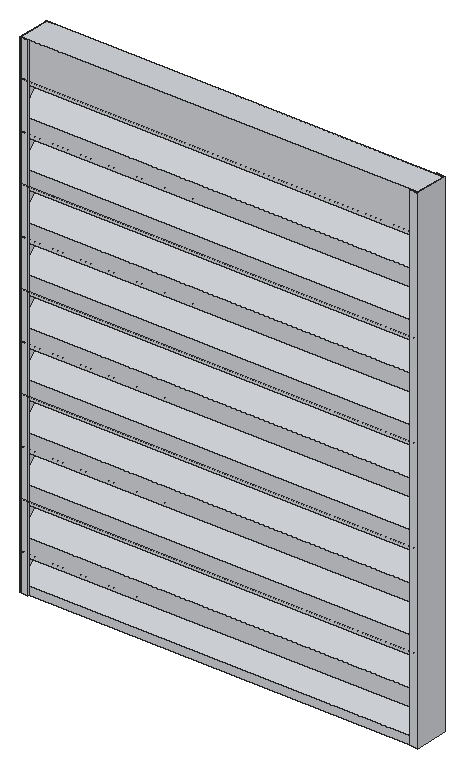
Revit family "XL-4", category Mechanical Equipment, Revit 2015
Parameters
  URL = "http://unitedenertech.com/catalog/pdf/A_39%20XL-4.pdf"
  Type Comments = "Max. Single Section Size is (48\"w x 120\"h)"
  Model = "XL-4"
  Manufacturer = "United Enertech Corporation"
  Keynote = "Note: Sill Condition is not indicative of actual product. Sill height flexes to maintain constant spacing on built louvers. Consult Factory for correct specific size models."
  Exact Width = 4' - 0"
  Exact Height = 5' - 0"
  Description = "4\" Deep Acoustical Louver"
  Blade Width [instance] = Exact Width - 0' 0 1/8"  # 3' - 11 7/8"
  Blade Spacing = 0' - 5.6689"
  Blade Number [instance] = rounddown((Exact Height - 0' 4 21/32") / Blade Spacing)  # 9
Reference planes (in)
  plane 1 "Center (Front/Back)": y = 0
  plane 2: z = 0
  plane 3 "Center (Left/Right)": x = 0
  plane 4: x = -24
  plane 5: x = 24
  plane 6: z = 60
  plane 7: x = -23.9522
  plane 8: x = 23.9522
  plane 9: z = 55.34
Forms (in)
  Extrusion 1, solid
    sketch origin (6.01139, 49.93696, 0) x (0, 1, 0) y (-1, 0, 0)
      loop
        line (-49.88916, 29.01139) -> (-49.88916, 29.96359) -> (-45.98476, 29.96359) -> (-45.98476, 29.01139) -> (-45.93696, 29.01139) -> (-45.93696, 30.01139) -> (-49.93696, 30.01139) -> (-49.93696, 29.01139) -> (-49.88916, 29.01139)
    from 0 to 60
  Extrusion 2, solid
    sketch origin (-6.01139, 49.93696, 0) x (0, 1, 0) y (-1, 0, 0)
      loop
        line (-49.88916, -29.01139) -> (-49.93696, -29.01139) -> (-49.93696, -30.01139) -> (-45.93696, -30.01139) -> (-45.93696, -29.01139) -> (-45.98476, -29.01139) -> (-45.98476, -29.96359) -> (-49.88916, -29.96359) -> (-49.88916, -29.01139)
    from 0 to 60
  Extrusion 3, solid
    sketch origin (-53.93696, 49.93696, -17.77968) x (0, 1, 0) y (0, 0, 1)
      loop
        line (-49.88916, 17.77968) -> (-45.98476, 17.77968) -> (-45.98476, 18.77968) -> (-46.03256, 18.77968) -> (-46.03256, 17.82748) -> (-49.84136, 17.82748) -> (-49.84136, 18.75988) -> (-46.03256, 22.56868) -> (-46.03256, 21.68408) -> (-45.98476, 21.68408) -> (-45.98476, 22.68408) -> (-49.88916, 18.77968) -> (-49.88916, 17.77968)
    from 77.88916 to 29.98476
  Extrusion 4, solid, material "Steel, S 355"
    sketch origin (-53.93696, 49.93696, -17.77968) x (0, 1, 0) y (0, 0, 1)
      loop
        line (-46.03256, 17.90612) -> (-46.03256, 22.41056) -> (-46.06846, 22.41056) -> (-46.06846, 17.90612) -> (-46.03256, 17.90612)
    from 29.98476 to 77.88916
Dimensions and locks (in)
  equal spacing: plane 4, plane 3 "Center (Left/Right)", plane 5
  "Exact Width": plane 4 to plane 5
  "Exact Height": plane 6 to level
  locked: plane 4 to plane 7 at 0.0478
  locked: plane 8 to plane 5 at 0.0478
  locked: plane 6 to plane 9 at 4.66
  equal spacing: group 1, group 2, group 3, group 4, group 5, group 6, group 7, group 8, group 9  (x2)
  equal spacing: group 9, group 8, group 7, group 6, group 5, group 4, group 3, group 2, group 1
  "Blade Spacing": nested 2 to nested 3
  aligned and locked: level to plane 2
  aligned and locked: plane 6 to Extrusion 2
  aligned and locked: plane 6 to Extrusion 1
  aligned and locked: plane 8 to Extrusion 4
  aligned and locked: plane 8 to Extrusion 3
  aligned and locked: Extrusion 3 to plane 7
  aligned and locked: Extrusion 4 to plane 7
  aligned and locked: plane 3 "Center (Left/Right)" to nested 1
  aligned and locked: plane 6 to nested 1
  aligned and locked: plane 3 "Center (Left/Right)" to nested 2
  aligned and locked: plane 9 to nested 2
Automatic sketch dimensions
  plane 1 "Center (Front/Back)" to Extrusion 1 sketch curve = 0' - 0"
  Extrusion 1 sketch curve to plane 4 = 0' - 0"
  Extrusion 1 sketch curve to plane 1 "Center (Front/Back)" = 0' - 0.0478"
  Extrusion 1 sketch curve to plane 4 = 0' - 1"  (x2)
  Extrusion 1 sketch curve to Extrusion 1 sketch curve = 0' - 3.9044"
  Extrusion 1 sketch curve to Extrusion 1 sketch curve = 0' - 0.0478"
  Extrusion 1 sketch curve to plane 4 = 0' - 0.0478"
  plane 1 "Center (Front/Back)" to Extrusion 2 sketch curve = 0' - 0"
  Extrusion 2 sketch curve to plane 5 = 0' - 0"
  plane 1 "Center (Front/Back)" to Extrusion 2 sketch curve = 0' - 0.0478"
  plane 5 to Extrusion 2 sketch curve = 0' - 1"  (x2)
  Extrusion 2 sketch curve to Extrusion 2 sketch curve = 0' - 3.9044"
  Extrusion 2 sketch curve to Extrusion 2 sketch curve = 0' - 0.0478"
  plane 5 to Extrusion 2 sketch curve = 0' - 0.0478"
  level to Extrusion 3 sketch curve = 0' - 0"
  Extrusion 3 sketch curve to plane 1 "Center (Front/Back)" = 0' - 0.0478"
  level to Extrusion 3 sketch curve = 0' - 0.9802"
  Extrusion 3 sketch curve to Extrusion 3 sketch curve = 0' - 0.0478"  (x4)
  Extrusion 3 sketch curve to Extrusion 3 sketch curve = 0' - 3.8088"
  level to Extrusion 3 sketch curve = 0' - 4.789"
  Extrusion 3 sketch curve to Extrusion 3 sketch curve = 0' - 0"
  Extrusion 3 sketch curve to Extrusion 3 sketch curve = 0' - 0.0198"
  Extrusion 3 sketch curve to Extrusion 3 sketch curve = 0' - 0.9522"
  Extrusion 3 sketch curve to Extrusion 3 sketch curve = 0' - 0.8846"
  Extrusion 3 sketch curve to Extrusion 3 sketch curve = 0' - 0.1154"
  level to Extrusion 4 sketch curve = 0' - 0.12645"
  Extrusion 4 sketch curve to plane 1 "Center (Front/Back)" = 0' - 3.8685"
  Extrusion 4 sketch curve to Extrusion 4 sketch curve = 0' - 0.0359"
  Extrusion 4 sketch curve to Extrusion 4 sketch curve = 0' - 4.50444"
Nested families (in)
  nested 1: "XL HEAD" at (0, -5.27166, 51.5478), type "XL HEAD"
    with Width 3' - 11 7/8"
  nested 2: "XL BLADE" at (0, -1.35254, 46.38335), type "XL BLADE"
    with BW 3' - 11 7/8"
  nested 3: "XL BLADE" at (0, -1.35254, 40.71445), type "XL BLADE"
    with BW 3' - 11 7/8"
  nested 4: "XL BLADE" at (0, -1.35254, 35.04555), type "XL BLADE"
    with BW 3' - 11 7/8"
  nested 5: "XL BLADE" at (0, -1.35254, 29.37665), type "XL BLADE"
    with BW 3' - 11 7/8"
  nested 6: "XL BLADE" at (0, -1.35254, 23.70775), type "XL BLADE"
    with BW 3' - 11 7/8"
  nested 7: "XL BLADE" at (0, -1.35254, 18.03885), type "XL BLADE"
    with BW 3' - 11 7/8"
  nested 8: "XL BLADE" at (0, -1.35254, 12.36995), type "XL BLADE"
    with BW 3' - 11 7/8"
  nested 9: "XL BLADE" at (0, -1.35254, 6.70105), type "XL BLADE"
    with BW 3' - 11 7/8"
  nested 10: "XL BLADE" at (0, -1.35254, 1.03215), type "XL BLADE"
    with BW 3' - 11 7/8"
Definition of nested family "XL HEAD"
  Parameters (values of type "XL HEAD")
    Width = 2' - 0"
  Reference planes (in)
    plane 1 "Center (Front/Back)": y = 0
    plane 2: z = 0
    plane 3 "Center (Left/Right)": x = 0
    plane 4: x = -12
    plane 5: x = 12
  Forms (in)
    Extrusion 1, solid
      sketch origin (-4.57998, 56.69055, -13.58421) x (0, 1, 0) y (0, 0, 1)
        loop
          line (-50.66398, 17.83912) -> (-50.69778, 17.87292) -> (-51.32329, 17.24741) -> (-51.32329, 21.98861) -> (-47.51449, 21.98861) -> (-47.51449, 21.05621) -> (-48.20759, 20.3631) -> (-48.17379, 20.3293) -> (-47.46669, 21.03641) -> (-47.46669, 22.03641) -> (-51.37109, 22.03641) -> (-51.37109, 17.13201) -> (-50.66398, 17.83912)
      from -7.42002 to 16.57998
    Extrusion 2, solid
      sketch origin (-4.57998, 56.69055, -13.58421) x (0, 1, 0) y (0, 0, 1)
        loop
          line (-51.21007, 17.36062) -> (-47.59878, 20.97191) -> (-47.62417, 20.9973) -> (-51.23546, 17.38601) -> (-51.21007, 17.36062)
      from -7.42002 to 16.57998
  Dimensions and locks (in)
    equal spacing: plane 4, plane 3 "Center (Left/Right)", plane 5
    "Width": plane 4 to plane 5
    aligned and locked: level to plane 2
    aligned and locked: plane 5 to Extrusion 1
    aligned and locked: plane 5 to Extrusion 2
    aligned and locked: plane 4 to Extrusion 1
    aligned and locked: plane 4 to Extrusion 2
  Automatic sketch dimensions
    level to Extrusion 1 sketch curve = 0' - 8.4522"
    Extrusion 1 sketch curve to plane 1 "Center (Front/Back)" = 0' - 5.31946"
    Extrusion 1 sketch curve to Extrusion 1 sketch curve = 0' - 0.0478"  (x3)
    level to Extrusion 1 sketch curve = 0' - 4.28871"
    Extrusion 1 sketch curve to Extrusion 1 sketch curve = 0' - 0.62551"
    level to Extrusion 1 sketch curve = 0' - 4.25491"
    Extrusion 1 sketch curve to Extrusion 1 sketch curve = 0' - 0.0338"  (x2)
    level to Extrusion 1 sketch curve = 0' - 6.77889"
    Extrusion 1 sketch curve to Extrusion 1 sketch curve = 0' - 3.11569"
    level to Extrusion 1 sketch curve = 0' - 6.74509"
    Extrusion 1 sketch curve to Extrusion 1 sketch curve = 0' - 0.69311"
    level to Extrusion 2 sketch curve = 0' - 3.8018"
    Extrusion 2 sketch curve to plane 1 "Center (Front/Back)" = 0' - 5.45509"
    level to Extrusion 2 sketch curve = 0' - 3.77641"
    Extrusion 2 sketch curve to Extrusion 2 sketch curve = 0' - 0.02539"
    level to Extrusion 2 sketch curve = 0' - 7.41309"
Definition of nested family "XL BLADE"
  Parameters (values of type "XL BLADE")
    BW = 2' - 0"
  Reference planes (in)
    plane 1 "Center (Front/Back)": y = 0
    plane 2: z = 0
    plane 3 "Center (Left/Right)": x = 0
    plane 4: x = -12
    plane 5: x = 12
  Forms (in)
    Extrusion 1, solid
      sketch origin (-5.43484, 12.18729, 16.41633) x (0, 1, 0) y (0, 0, 1)
        loop
          line (-7.00701, -7.52664) -> (-6.93035, -7.52664) -> (-6.93035, -9.44878) -> (-6.88255, -9.44878) -> (-6.88255, -7.45968) -> (-7.00701, -7.45968) -> (-10.78695, -11.23962) -> (-10.78695, -13.37298) -> (-10.07984, -12.66588) -> (-10.11364, -12.63208) -> (-10.73992, -13.25836) -> (-10.73992, -11.25955) -> (-7.00701, -7.52664)
      from -6.56516 to 17.43484
    Extrusion 2, solid
      sketch origin (-5.43484, 12.18729, 16.41633) x (0, 1, 0) y (0, 0, 1)
        loop
          line (-10.63571, -13.15414) -> (-6.93035, -9.44878) -> (-6.93035, -7.62735) -> (-6.96625, -7.62735) -> (-6.96625, -9.43391) -> (-10.66109, -13.12876) -> (-10.63571, -13.15414)
      from -6.56516 to 17.43484
  Dimensions and locks (in)
    equal spacing: plane 4, plane 3 "Center (Left/Right)", plane 5
    "BW": plane 4 to plane 5
    aligned and locked: level to plane 2
    aligned and locked: plane 4 to Extrusion 1
    aligned and locked: plane 4 to Extrusion 2
    aligned and locked: plane 5 to Extrusion 1
    aligned and locked: plane 5 to Extrusion 2
  Automatic sketch dimensions
    level to Extrusion 1 sketch curve = 0' - 5.17671"
    Extrusion 1 sketch curve to plane 1 "Center (Front/Back)" = 0' - 1.40034"
    level to Extrusion 1 sketch curve = 0' - 5.15678"
    Extrusion 1 sketch curve to Extrusion 1 sketch curve = 0' - 0.04703"
    level to Extrusion 1 sketch curve = 0' - 3.78426"
    Extrusion 1 sketch curve to Extrusion 1 sketch curve = 0' - 0.62628"
    level to Extrusion 1 sketch curve = 0' - 3.75046"
    Extrusion 1 sketch curve to Extrusion 1 sketch curve = 0' - 0.0338"
    Extrusion 1 sketch curve to Extrusion 1 sketch curve = 0' - 3.73291"
    Extrusion 1 sketch curve to Extrusion 1 sketch curve = 0' - 0"
    Extrusion 1 sketch curve to Extrusion 1 sketch curve = 0' - 0.07666"
    Extrusion 1 sketch curve to Extrusion 1 sketch curve = 0' - 0.0478"
    Extrusion 1 sketch curve to Extrusion 1 sketch curve = 0' - 1.81077"
    Extrusion 1 sketch curve to Extrusion 1 sketch curve = 0' - 1.92214"
    Extrusion 1 sketch curve to Extrusion 1 sketch curve = 0' - 0.06696"
    level to Extrusion 2 sketch curve = 0' - 3.28757"
    Extrusion 2 sketch curve to plane 1 "Center (Front/Back)" = 0' - 1.52619"
    level to Extrusion 2 sketch curve = 0' - 3.26219"
    Extrusion 2 sketch curve to Extrusion 2 sketch curve = 0' - 0.02539"
    Extrusion 2 sketch curve to Extrusion 2 sketch curve = 0' - 3.69485"
    Extrusion 2 sketch curve to Extrusion 2 sketch curve = 0' - 0.0359"
    Extrusion 2 sketch curve to Extrusion 2 sketch curve = 0' - 1.80657"
